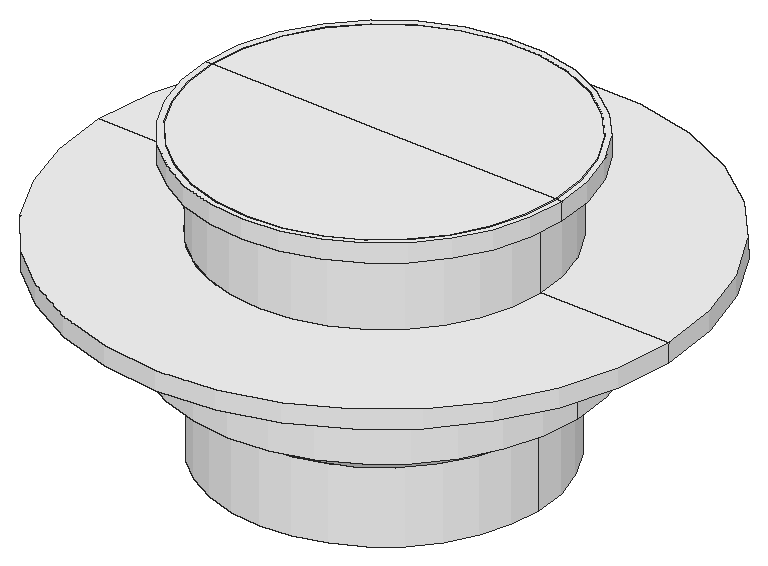
Revit family "Plumbing Fixture-FloorDrain_Mifab_C1100-R", category Plumbing Fixtures, host Face, Revit 2013
Parameters (values of type "4"")
  WFU = 0
  URL = "WWW.MIFAB.COM"
  Top Assembly Height = 1.250"
  Strainer Radius = Stainer Diameter / 2  # 4.000"
  Stainer Diameter = 8.000"
  Pipe Radius = Pipe Diameter / 2  # 2.000"
  Pipe Diameter = 4.000"
  Model = "C1100-R"
  Manufacturer = "MIFAB"
  Floor Drain Material = Paint - Sherwin Williams Paint - #952C2A - Bellwood Red
  Description = "FLOOR CLEANOUT WITH ADJUSTABLE COVER AND PLUG"
  Default Elevation = 0.000"
  Body Height = 2.750"
Types (4): name | Pipe Radius | Pipe Diameter
  (no name) | 2.000" | 4.000"
  2" | 1.000" | 2.000"
  3" | 1.500" | 3.000"
  4" | 2.000" | 4.000"
Reference planes (in)
  plane 1 "Center (Front/Back)": y = 0
  plane 2: z = 0
  plane 3 "Center (Left/Right)": x = 0
  plane 4: z = -4
  plane 5: z = -1.25
  plane 6: x = -4
  plane 7: x = 4
  plane 8: x = 2
  plane 9: x = -2
Forms (in)
  Revolve 1, solid, material "Paint - Sherwin Williams Paint - #952C2A - Bellwood Red" <- "Floor Drain Material"
    sketch origin (-0.5, 0, 0) x (1, 0, 0) y (0, 0, 1)
      loop
        line (-1.62, -1.33) -> (-1.7, -1.25) -> (-3.5, -1.25) -> (-3.5, -1.5) -> (-2.23, -1.5) -> (-2.23, -2.65) -> (-2, -2.65) -> (-1.68, -3) -> (-1.68, -4) -> (-1.5, -4) -> (-1.5, -2.86151) -> (-1.82, -2.51151) -> (-1.82, -1.5) -> (-1.7, -1.5) -> (-1.62, -1.42) -> (-1.62, -1.33)
      axis (0.5, -4) -> (0.5, -1.25)
    angle from 0 to 360
  Revolve 2, solid, material "Paint - Sherwin Williams Paint - #952C2A - Bellwood Red" <- "Floor Drain Material"
    sketch origin (0, 0, 0) x (1, 0, 0) y (0, 0, 1)
      loop
        line (-2.20074, -1.82) -> (-2.12074, -1.9) -> (-2.05074, -1.9) -> (-2.05074, -0.16) -> (-2.42, -0.16) -> (-2.42, 0) -> (-2.50074, 0) -> (-2.50074, -0.25) -> (-2.20074, -0.25) -> (-2.20074, -1.82)
      axis (0, 0) -> (0, -1.9)
    angle from 0 to 360
  Revolve 3, solid, material "Paint - Sherwin Williams Paint - #952C2A - Bellwood Red" <- "Floor Drain Material"
    sketch origin (0, 0, 0) x (1, 0, 0) y (0, 0, 1)
      loop
        line (0, 0) -> (-2.42, 0) -> (-2.42, -0.16) -> (0, -0.16) -> (0, 0)
      axis (0, 0) -> (0, -0.16)
    angle from 0 to 360
Lines and regions (in)
  symbolic lines
    curve 1: circle (0, 0, 0) r 4 normal (0, 0, 1)
  symbolic lines, style "PlumbingFixtures"
    curve 2: circle (0, 0, 0) r 1.00382 normal (0, 0, 1)
Dimensions and locks (in)
  locked: Revolve 1 sketch curve to Revolve 1 sketch curve at 0.18
  "Body Height": plane 5 to plane 4
  "Top Assembly Height": host face to plane 5
  equal spacing: plane 6, plane 3 "Center (Left/Right)", plane 7
  "Stainer Diameter": plane 6 to plane 7
  "Pipe Diameter": plane 8 to plane 9
  equal spacing: plane 8, plane 3 "Center (Left/Right)", plane 9
  "Strainer Radius": radius of curve 1
  aligned and locked: plane 2 to host face
  aligned and locked: level to host face
  aligned and locked: plane 1 "Center (Front/Back)" to curve 1
  aligned and locked: plane 3 "Center (Left/Right)" to curve 1
  aligned and locked: Revolve 1 sketch curve to plane 4
  aligned and locked: plane 3 "Center (Left/Right)" to Revolve 1 sketch curve
  aligned and locked: plane 3 "Center (Left/Right)" to Revolve 3 sketch curve
  aligned and locked: Revolve 3 sketch curve to plane 3 "Center (Left/Right)"
  aligned and locked: plane 2 to Revolve 3 sketch curve
  aligned and locked: Revolve 3 sketch curve to Revolve 2
  aligned and locked: plane 5 to Revolve 1 sketch curve
  aligned and locked: plane 7 to Revolve 1
  aligned and locked: plane 6 to Revolve 1 sketch curve
  aligned and locked: Revolve 1 sketch curve to plane 9
Automatic sketch dimensions
  host sketch curve to host sketch curve = 96.000"  (x2)
  level to Revolve 2 sketch curve = 0.000"
  Revolve 2 sketch curve to level = 0.250"
  Revolve 2 sketch curve to plane 5 = 0.650"
  Revolve 2 sketch curve to plane 3 "Center (Left/Right)" = 0.000"
  Revolve 2 sketch curve to Revolve 2 sketch curve = 0.08074"
  Revolve 2 sketch curve to Revolve 2 sketch curve = 0.21926"
  Revolve 2 sketch curve to Revolve 2 sketch curve = 0.080"  (x2)
  Revolve 2 sketch curve to Revolve 2 sketch curve = 0.070"
  Revolve 2 sketch curve to level = 0.160"
  Revolve 2 sketch curve to plane 5 = 0.97439"
  level to Revolve 2 sketch curve = 0.77561"
  plane 5 to Revolve 3 sketch curve = 0.52425"
  level to Revolve 3 sketch curve = 0.10977"
  Revolve 2 sketch curve to plane 6 = 1.49926"
  Revolve 3 sketch curve to plane 6 = 1.580"
  plane 4 to Revolve 1 sketch curve = 1.000"
  Revolve 1 sketch curve to plane 6 = 1.270"
  Revolve 1 sketch curve to Revolve 1 sketch curve = 0.230"
  Revolve 1 sketch curve to Revolve 1 sketch curve = 0.410"
  Revolve 1 sketch curve to Revolve 1 sketch curve = 0.120"  (x2)
  Revolve 1 sketch curve to plane 5 = 0.250"  (x2)
  Revolve 1 sketch curve to plane 5 = 0.170"
  Revolve 1 sketch curve to Revolve 1 sketch curve = 0.080"
  Revolve 1 sketch curve to Revolve 1 sketch curve = 0.13849"  (x2)
  Revolve 1 sketch curve to Revolve 1 sketch curve = 1.150"
  Revolve 1 sketch curve to plane 5 = 0.080"
  Revolve 1 sketch curve to plane 4 = 1.750"
  level to Revolve 1 sketch curve = 5.350"
  curve 1 to curve 2 = 0.000"  (x2)
  plane 1 "Center (Front/Back)" to curve 2 = 0.000"
  curve 2 to plane 3 "Center (Left/Right)" = 0.000"
  radius of curve 2 = 1.00382"
Connectors (in)
  piping at (0, 0, -4), driven by "Pipe Radius"
    settings: on Revolve 1, index 1, connector radius 2", flow factor 0, pipe flow 0 GPM, pressure drop 0.00 psi, fitting loss kfactor 0, connector angle 0.00°, fixture units 0, engagement length 0.000", flow configuration 0, flow direction 0, fitting loss method 0, system type 7, joint type 0, gender type 0, connector reference index -1, connector utility 0, adjustable connector no, is connector primary yes, fitting loss table "", connector description ""
